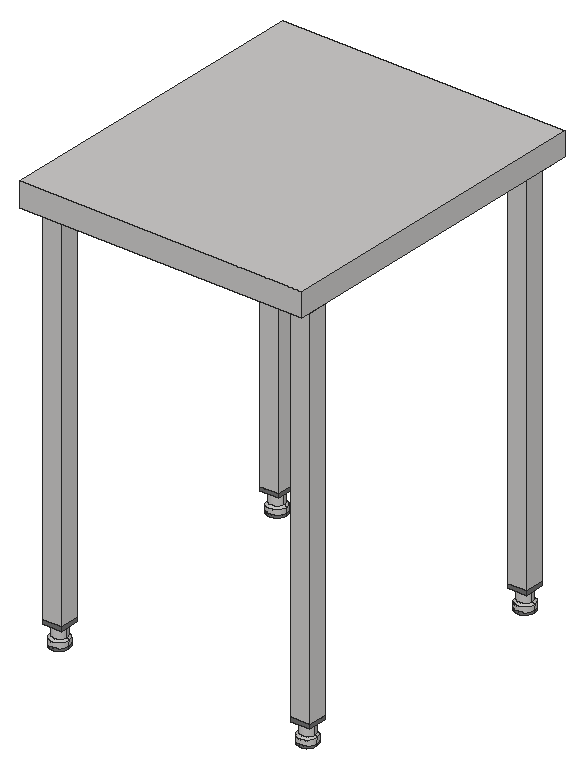
Revit family "QF_ELECTROLUXPROFESSIONAL_133215_TG600N", category Attrezzature speciali, Revit 2020
Family settings
  Quota connettore circolare = Usa diametro
  Tipo di parte = Normale
  Basato su piano di lavoro = No
  Sempre verticale = Sì
  Taglio con vuoti quando caricato = No
  Condiviso = No
  Punto di calcolo locali = No
Parameters (values of type "Standard")
  Weight = 21.00 kg
  Watts = 0 W
  Volts = 0 V
  URL Manufacturer = "https://www.electroluxprofessional.com/"
  URL = "https://www.electroluxprofessional.com/"
  Steam Supply Size = 0 mm
  Steam Supply Minimum Pressure = 0.0 Pa
  Steam Supply Maximum Pressure = 0.0 Pa
  Steam Consumption per Hour = 0
  Refrigeration Suction Line Size = 0.0 mm
  Refrigeration Liquid Line Size = 0.0 mm
  Refrigerant Compressor Remote = yes
  Prospetto di default = 0.0 mm
  Produttore = "Electrolux Professional"
  Phase = 0
  Modello = "TG600N"
  Length Actual = 600.0 mm  # constant formula
  Item Number = "133215"
  Hot Water Size = 0 mm
  Height Actual = 900.0 mm  # constant formula
  HP = "0 HP"
  Gas Size = 0 mm
  Gas KW = 0
  Gas Input Pressure = 0 W
  Direct Waste Size = 0 mm
  Descrizione = "WORK TABLE 600 MM"
  Depth Actual = 700.0 mm  # constant formula
  Cycle = 0 Hz
  Condensate Return Size = 0 mm
  Compressed Air Volume = 0.0 L/s
  Compressed Air Size = 0 mm
  Compressed Air Pressure = 0.0 Pa
  Cold Water Size = 0 mm
  Accessory = yes
Reference planes
  plane 1 "Center (Front/Back)": y = 0
  plane 2: z = 0
  plane 3 "Center (Left/Right)": x = 200
  plane 4 "LEFT": x = -100
  plane 5 "RIGHT": x = 500
  plane 6 "BACK": y = 350
  plane 7 "FRONT": y = -350
  plane 8 "Base": z = 850
  plane 9 "TOP": z = 900
  plane 10: x = -64.5
  plane 11: x = 464.5
  plane 12: y = 290
  plane 13: y = -290
Forms (mm)
  Extrusion 1, solid, material "QF_Finishes_Stainless Steel"
    sketch origin (200, 0, 0) x (0, 1, 0) y (0, 0, 1)
      loop
        line (-350, 850) -> (350, 850) -> (350, 900) -> (-350, 900) -> (-350, 850)
    from 300 to -300
Lines and regions (mm)
  symbolic lines
    curve 1: line (500, 350, 900) -> (-100, 350, 900)
    curve 2: line (-100, 350, 900) -> (-100, -350, 900)
    curve 3: line (-100, -350, 900) -> (500, -350, 900)
    curve 4: line (500, -350, 900) -> (500, 350, 900)
Dimensions and locks
  plane 4 "LEFT" to plane 5 "RIGHT" = 600.0 mm
  equal spacing: plane 4 "LEFT", plane 3 "Center (Left/Right)", plane 5 "RIGHT"
  plane 4 "LEFT" to plane 10 = 35.5 mm
  plane 11 to plane 5 "RIGHT" = 35.5 mm
  plane 10 to plane 11 = 529.0 mm
  locked: plane 9 "TOP" to level at 900
  plane 6 "BACK" to plane 12 = 60.0 mm
  plane 13 to plane 7 "FRONT" = 60.0 mm
  plane 6 "BACK" to plane 7 "FRONT" = 700.0 mm
  plane 12 to plane 13 = 580.0 mm
  equal spacing: plane 6 "BACK", plane 1 "Center (Front/Back)", plane 7 "FRONT"
  locked: plane 8 "Base" to level at 850
  aligned and locked: level to plane 2
  aligned and locked: plane 10 to nested 1
  aligned and locked: nested 1 to plane 13
  aligned and locked: plane 11 to nested 2
  aligned and locked: nested 2 to plane 13
  aligned and locked: plane 11 to nested 4
  aligned and locked: nested 4 to plane 12
  aligned and locked: plane 10 to nested 3
  aligned and locked: nested 3 to plane 12
  aligned and locked: Extrusion 1 to plane 4 "LEFT"
  aligned and locked: plane 5 "RIGHT" to Extrusion 1
  aligned and locked: curve 2 to plane 4 "LEFT"
Automatic sketch dimensions
  Extrusion 1 sketch curve to plane 7 "FRONT" = 0.0 mm
  Extrusion 1 sketch curve to plane 8 "Base" = 0.0 mm
  curve 3 to plane 7 "FRONT" = 0.0 mm
  curve 4 to plane 6 "BACK" = 0.0 mm
  Extrusion 1 sketch curve to plane 9 "TOP" = 0.0 mm
  Extrusion 1 sketch curve to plane 6 "BACK" = 0.0 mm
  curve 4 to plane 5 "RIGHT" = 0.0 mm
Nested families
  nested 1: "FEET_40x40_APP42" at (-64.5, -290, 0), type "FEET_40x40_APP42"
  nested 2: "FEET_40x40_APP42" at (464.5, -290, 0), type "FEET_40x40_APP42"
  nested 3: "FEET_40x40_APP42" at (-64.5, 290, 0), type "FEET_40x40_APP42"
  nested 4: "FEET_40x40_APP42" at (464.5, 290, 0), type "FEET_40x40_APP42"
Definition of nested family "FEET_40x40_APP42"
  Parameters
    Default Elevation = 0.0 mm
    FEET = 850.0 mm
  Reference planes
    plane 1 "Center (Front/Back)": y = 0
    plane 2: z = 0
    plane 3 "Center (Left/Right)": x = 0
    plane 4: z = 850
  Forms (mm)
    Extrusion 1, solid
      sketch origin (0, 0, 0) x (1, 0, 0) y (0, 1, 0)
        loop
          line (-20, -20) -> (20, -20) -> (20, 20) -> (-20, 20) -> (-20, -20)
      from 50 to 845
    Extrusion 2, solid
      sketch origin (0, 0, 0) x (1, 0, 0) y (0, 1, 0)
        loop
          circle (0, 0) r 20
      from 0 to 5
    Extrusion 3, solid
      sketch origin (0, 0, 0) x (1, 0, 0) y (0, 1, 0)
        loop
          line (30, 30) -> (-30, 30) -> (-30, -30) -> (30, -30) -> (30, 30)
      from 845 to 850
    Extrusion 4, solid
      sketch origin (0, 0, 0) x (1, 0, 0) y (0, 1, 0)
        loop
          line (-20, -20) -> (20, -20) -> (20, 20) -> (-20, 20) -> (-20, -20)
      from 50 to 42
    Revolve 5, solid
      sketch origin (0, 0, 0) x (1, 0, 0) y (0, 0, 1)
        loop
          line (0, 42) -> (-15, 42) -> (-15, 20) -> (-20, 15) -> (-20, 5) -> (0, 5) -> (0, 42)
        axis (0, 42) -> (0, 5)
      angle from 0 to 360
  Lines and regions (mm)
    symbolic lines
      curve 1: line (0, -1.503, 0) -> (0, 1.508, 0)
      curve 2: line (1.561, 0, 0) -> (-1.439, 0, 0)
  Dimensions and locks
    "FEET": plane 4 to plane 2
    aligned and locked: level to plane 2
  Automatic sketch dimensions
    plane 1 "Center (Front/Back)" to curve 2 = 0.0 mm
    curve 1 to plane 3 "Center (Left/Right)" = 0.0 mm
    curve 2 to plane 3 "Center (Left/Right)" = 1.439 mm
    plane 3 "Center (Left/Right)" to curve 2 = 1.561 mm
    plane 1 "Center (Front/Back)" to curve 1 = 1.503 mm
    curve 1 to plane 1 "Center (Front/Back)" = 1.508 mm
    Extrusion 1 sketch curve to plane 3 "Center (Left/Right)" = 20.0 mm
    plane 3 "Center (Left/Right)" to Extrusion 1 sketch curve = 20.0 mm
    plane 1 "Center (Front/Back)" to Extrusion 1 sketch curve = 20.0 mm
    Extrusion 1 sketch curve to plane 1 "Center (Front/Back)" = 20.0 mm
    plane 1 "Center (Front/Back)" to Extrusion 2 sketch curve = 0.0 mm
    Extrusion 2 sketch curve to plane 3 "Center (Left/Right)" = 0.0 mm
    Extrusion 3 sketch curve to plane 3 "Center (Left/Right)" = 30.0 mm
    plane 3 "Center (Left/Right)" to Extrusion 3 sketch curve = 30.0 mm
    plane 1 "Center (Front/Back)" to Extrusion 3 sketch curve = 30.0 mm
    Extrusion 3 sketch curve to plane 1 "Center (Front/Back)" = 30.0 mm
    Extrusion 4 sketch curve to plane 3 "Center (Left/Right)" = 20.0 mm
    plane 3 "Center (Left/Right)" to Extrusion 4 sketch curve = 20.0 mm
    plane 1 "Center (Front/Back)" to Extrusion 4 sketch curve = 20.0 mm
    Extrusion 4 sketch curve to plane 1 "Center (Front/Back)" = 20.0 mm
    Revolve 5 sketch curve to plane 3 "Center (Left/Right)" = 0.0 mm  (x2)
    Revolve 5 sketch curve to plane 3 "Center (Left/Right)" = 15.0 mm
    Revolve 5 sketch curve to Revolve 5 sketch curve = 5.0 mm  (x3)
    level to Revolve 5 sketch curve = 5.0 mm
    Revolve 5 sketch curve to Revolve 5 sketch curve = 10.0 mm
    Revolve 5 sketch curve to Revolve 5 sketch curve = 22.0 mm
    Revolve 5 sketch curve to level = 9.561 mm
    radius of Extrusion 2 sketch curve = 20.0 mm
